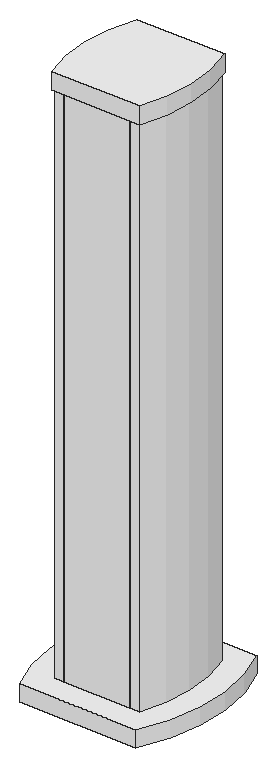
Revit family "Legrand Mini Colonnes universelles", category Installations électriques, Revit 2020
Family settings
  Conserver l'orientation des annotations = Non
  Cote de connecteur circulaire = Utiliser le diamètre
  Type d'élément = Normal
  Basée sur le plan de construction = Non
  Toujours verticalement = Oui
  Couper avec des vides une fois chargée = Non
  Partagée = Non
  Point de calcul de pièce = Non
Parameters (values of type "Colonnette 2 cpts 80 0,68M BL")
  Visibility Control Stand [instance] = and(or(Pieds, Visibility Control Casters), not(Black))  # no
  Visibility Control Casters [instance] = and(Option Jeux de roulettes, not(Black))  # no
  Séparateur = 34.7 mm
  Standard = "Universelle"
  Offset [instance] = if(Visibility Control Casters, 68 mm, if(Visibility Control Stand, 10 mm, 0 mm))  # 0 mm
  Nombre de compartiments = "2 compartiments"
  Modèle = "LG-653123"
  Matériaux corps = Legrand - Aluminium blanc
  Matériau principal = "Aluminium"
  Matériau couvercle = Legrand - Plastique blanc
  Longueur = if([1 CPT], 82 mm, 125 mm)  # 125 mm
  Largeur = 75 mm
  Option Tablette [instance] = no
  Pieds [instance] = no
  Option Jeux de roulettes [instance] = no
  H1 = 680 mm
  HC = H1 - 40 mm  # 640 mm
  Finition = "Blanc"
  Fabricant = "LEGRAND"
  Elévation par défaut = 0 mm
  Description = "Colonnette universelle 2 compartiments 0,68m Blanc"
  Column stand = Pied mobile : Pied pour Colonnettes Blanc
  Black = no
  2 CPT = yes
  1 CPT = no
Types (8, lengths in mm): name | Nombre de compartiments | Modèle | Matériaux corps | Matériau couvercle | Longueur | H1 | HC | Finition | Description | Column stand | Black | 2 CPT | 1 CPT
  Colonnette 1 cpt 80 0,3M Blanc | "1 compartiment" | "LG-653100" | Legrand - Aluminium blanc | Legrand - Plastique blanc | 82 | 300 | 260 | "Blanc" | "Colonnette universelle 1 compartiment 0,3m Blanc" | Pied mobile : Pied pour Colonnettes Blanc | no | no | yes
  Colonnette 1 cpt 80 0,68M Blanc | "1 compartiment" | "LG-653103" | Legrand - Aluminium blanc | Legrand - Plastique blanc | 82 | 680 | 640 | "Blanc" | "Colonnette universelle 1 compartiment 0,68m Blanc" | Pied mobile : Pied pour Colonnettes Blanc | no | no | yes
  Colonnette 2 cpts 80 0,30M BL | "2 compartiments" | "LG-653120" | Legrand - Aluminium blanc | Legrand - Plastique blanc | 125 | 300 | 260 | "Blanc" | "Colonnette universelle 2 compartiments 0,30m Blanc" | Pied mobile : Pied pour Colonnettes Blanc | no | yes | no
  Colonnette 2 cpts 80 0,68M BL | "2 compartiments" | "LG-653123" | Legrand - Aluminium blanc | Legrand - Plastique blanc | 125 | 680 | 640 | "Blanc" | "Colonnette universelle 2 compartiments 0,68m Blanc" | Pied mobile : Pied pour Colonnettes Blanc | no | yes | no
  Colonnette 1 cpt 80 0,68M Noir | "1 compartiment" | "LG-653105" | Legrand - Aluminium noir | Legrand - Plastique noir | 82 | 680 | 640 | "Noir" | "Colonnette universelle 1 compartiment 0,68m Noir" | Tablette : Table pour Colonnettes T1/2 | yes | no | yes
  Colonnette 1 cpt 80 0,3M Noir | "1 compartiment" | "LG-653102" | Legrand - Aluminium noir | Legrand - Plastique noir | 82 | 300 | 260 | "Noir" | "Colonnette universelle 1 compartiment 0,3m Noir" | Tablette : Table pour Colonnettes T1/2 | yes | no | yes
  Colonnette 2 cpt 80 0,30M Noir | "2 compartiments" | "LG-653122" | Legrand - Aluminium noir | Legrand - Plastique noir | 82 | 300 | 260 | "Noir" | "Colonnette universelle 2 compartiments 0,30m Noir" | Tablette : Table pour Colonnettes T1/2 | no | yes | yes
  Colonnette 2 cpt 80 0,68M Noir | "2 compartiments" | "LG-653125" | Legrand - Aluminium noir | Legrand - Plastique noir | 125 | 680 | 640 | "Noir" | "Colonnette universelle 2 compartiments 0,68m Noir" | Tablette : Table pour Colonnettes T1/2 | yes | yes | no
Reference planes
  plane 1 "Centre (avant/arrière)": y = 0
  plane 2: z = 0
  plane 3 "Centre (gauche/droite)": x = 0
  plane 4: z = 680
  plane 5 "Bas Corps": z = 20
  plane 6 "Haut corps": z = 660
  plane 7: z = 0
  plane 8 "Connecteur": z = 340
Forms (mm)
  Extrusion 1, solid, material "Legrand - Aluminium blanc" <- "Matériaux corps", visible <- "2 CPT"
    sketch origin (0, 0, 0) x (1, 0, 0) y (0, 1, 0)
      loop
        arc (-51.5, 62.5) -> (-62.643, 0) -> (-51.5, -62.5) r 180.856
        line (-51.5, -62.5) -> (-40, -62.5) -> (-40, -22.5) -> (40, -22.5) -> (40, -62.5) -> (51.5, -62.5)
        arc (51.5, -62.5) -> (62.643, 0) -> (51.5, 62.5) r 180.856
        line (51.5, 62.5) -> (40, 62.5) -> (40, 22.5) -> (-40, 22.5) -> (-40, 62.5) -> (-51.5, 62.5)
    from 20 to 660
  Extrusion 2, solid, material "Legrand - Aluminium blanc" <- "Matériaux corps", visible <- "1 CPT"
    sketch origin (0, 0, 0) x (1, 0, 0) y (0, 1, 0)
      loop
        arc (-26.5, 62.5) -> (-37.5, 0) -> (-26.5, -62.5) r 183.057
        line (-26.5, -62.5) -> (26.5, -62.5)
        arc (26.5, -62.5) -> (30.149, -51.355) -> (33.076, -40) r 183.057
        line (33.076, -40) -> (-6.924, -40) -> (-6.924, 40) -> (33.076, 40)
        arc (33.076, 40) -> (30.149, 51.355) -> (26.5, 62.5) r 183.057
        line (26.5, 62.5) -> (-26.5, 62.5)
    from 20 to 660
  Extrusion 3, solid, material "Legrand - Aluminium blanc" <- "Matériaux corps", visible <- "1 CPT"
    sketch origin (0, 0, 0) x (1, 0, 0) y (0, 1, 0)
      loop
        line (-27.896, -64.5) -> (27.896, -64.5)
        arc (27.896, -64.5) -> (39.5, 0) -> (27.896, 64.5) r 185.057
        line (27.896, 64.5) -> (-27.896, 64.5)
        arc (-27.896, 64.5) -> (-39.5, 0) -> (-27.896, -64.5) r 185.057
    from 660 to 680
  Extrusion 4, solid, material "Legrand - Aluminium blanc" <- "Matériaux corps", visible <- "1 CPT"
    sketch origin (0, 0, 0) x (1, 0, 0) y (0, 1, 0)
      loop
        line (55.574, 107.5) -> (-55.574, 107.5)
        arc (-55.574, 107.5) -> (-82.5, 0) -> (-55.574, -107.5) r 228.057
        line (-55.574, -107.5) -> (55.574, -107.5)
        arc (55.574, -107.5) -> (82.5, 0) -> (55.574, 107.5) r 228.057
    from 0 to 20
  Extrusion 5, solid, material "Legrand - Aluminium blanc" <- "Matériaux corps", visible <- "2 CPT"
    sketch origin (0, 0, 0) x (1, 0, 0) y (0, 1, 0)
      loop
        line (-52.889, -64.5) -> (52.889, -64.5)
        arc (52.889, -64.5) -> (64.643, 0) -> (52.889, 64.5) r 182.856
        line (52.889, 64.5) -> (-52.889, 64.5)
        arc (-52.889, 64.5) -> (-64.643, 0) -> (-52.889, -64.5) r 182.856
    from 660 to 680
  Extrusion 6, solid, material "Legrand - Aluminium blanc" <- "Matériaux corps", visible <- "2 CPT"
    sketch origin (0, 0, 0) x (1, 0, 0) y (0, 1, 0)
      loop
        line (-70.644, -91.5) -> (70.644, -91.5)
        arc (70.644, -91.5) -> (91.643, 0) -> (70.644, 91.5) r 209.856
        line (70.644, 91.5) -> (-70.644, 91.5)
        arc (-70.644, 91.5) -> (-91.643, 0) -> (-70.644, -91.5) r 209.856
    from 0 to 20
Dimensions and locks
  "H1": plane 4 to plane 2
  locked: plane 5 "Bas Corps" to plane 2 at 20
  locked: plane 4 to plane 6 "Haut corps" at 20
  "Offset": plane 2 to plane 7
  equal spacing: plane 4, plane 8 "Connecteur", plane 2
  aligned and locked: Extrusion 1 to plane 5 "Bas Corps"
  aligned and locked: plane 6 "Haut corps" to Extrusion 1
  aligned and locked: nested 2 to plane 5 "Bas Corps"
  aligned and locked: nested 1 to plane 5 "Bas Corps"
  aligned and locked: Extrusion 2 to plane 5 "Bas Corps"
  aligned and locked: plane 6 "Haut corps" to Extrusion 2
  aligned and locked: nested 3 to plane 5 "Bas Corps"
  aligned and locked: plane 4 to Extrusion 3
  aligned and locked: Extrusion 3 to plane 6 "Haut corps"
  aligned and locked: plane 5 "Bas Corps" to Extrusion 4
  aligned and locked: plane 4 to Extrusion 5
  aligned and locked: Extrusion 5 to plane 6 "Haut corps"
  aligned and locked: plane 5 "Bas Corps" to Extrusion 6
  aligned and locked: Extrusion 6 to plane 2
  aligned and locked: Extrusion 4 to plane 2
  aligned and locked: plane 7 to level
Automatic sketch dimensions
  plane 1 "Centre (avant/arrière)" to Extrusion 1 sketch curve = 0 mm  (x2)
  Extrusion 1 sketch curve to plane 3 "Centre (gauche/droite)" = 118.214 mm
  Extrusion 1 sketch curve to plane 3 "Centre (gauche/droite)" = 51.5 mm  (x2)
  Extrusion 1 sketch curve to Extrusion 1 sketch curve = 11.5 mm  (x3)
  plane 3 "Centre (gauche/droite)" to Extrusion 1 sketch curve = 40 mm  (x2)
  Extrusion 1 sketch curve to Extrusion 1 sketch curve = 78.214 mm
  plane 1 "Centre (avant/arrière)" to Extrusion 1 sketch curve = 22.5 mm
  Extrusion 1 sketch curve to Extrusion 1 sketch curve = 40 mm  (x2)
  Extrusion 1 sketch curve to plane 1 "Centre (avant/arrière)" = 22.5 mm
  Extrusion 1 sketch curve to plane 3 "Centre (gauche/droite)" = 40 mm
  plane 1 "Centre (avant/arrière)" to Extrusion 2 sketch curve = 0 mm  (x2)
  Extrusion 2 sketch curve to plane 3 "Centre (gauche/droite)" = 26.5 mm  (x2)
  Extrusion 2 sketch curve to plane 3 "Centre (gauche/droite)" = 6.924 mm
  plane 3 "Centre (gauche/droite)" to Extrusion 2 sketch curve = 26.5 mm  (x2)
  Extrusion 2 sketch curve to Extrusion 2 sketch curve = 112.48 mm
  Extrusion 2 sketch curve to Extrusion 2 sketch curve = 0 mm  (x3)
  plane 1 "Centre (avant/arrière)" to Extrusion 2 sketch curve = 40 mm
  Extrusion 2 sketch curve to Extrusion 2 sketch curve = 22.5 mm
  Extrusion 2 sketch curve to Extrusion 2 sketch curve = 119.057 mm
  Extrusion 2 sketch curve to Extrusion 2 sketch curve = 6.576 mm
  plane 1 "Centre (avant/arrière)" to Extrusion 3 sketch curve = 0 mm  (x2)
  Extrusion 3 sketch curve to plane 3 "Centre (gauche/droite)" = 145.557 mm
  Extrusion 3 sketch curve to Extrusion 3 sketch curve = 117.661 mm
  Extrusion 3 sketch curve to plane 1 "Centre (avant/arrière)" = 64.5 mm
  Extrusion 3 sketch curve to plane 3 "Centre (gauche/droite)" = 27.896 mm
  plane 3 "Centre (gauche/droite)" to Extrusion 3 sketch curve = 27.896 mm
  Extrusion 3 sketch curve to Extrusion 3 sketch curve = 0 mm
  plane 1 "Centre (avant/arrière)" to Extrusion 4 sketch curve = 0 mm  (x2)
  Extrusion 4 sketch curve to plane 3 "Centre (gauche/droite)" = 145.557 mm
  plane 3 "Centre (gauche/droite)" to Extrusion 4 sketch curve = 55.574 mm  (x2)
  Extrusion 4 sketch curve to Extrusion 4 sketch curve = 89.983 mm
  Extrusion 4 sketch curve to plane 1 "Centre (avant/arrière)" = 107.5 mm
  Extrusion 4 sketch curve to plane 3 "Centre (gauche/droite)" = 55.574 mm
  plane 1 "Centre (avant/arrière)" to Extrusion 5 sketch curve = 0 mm  (x2)
  Extrusion 5 sketch curve to plane 3 "Centre (gauche/droite)" = 118.214 mm
  Extrusion 5 sketch curve to plane 3 "Centre (gauche/droite)" = 52.889 mm
  plane 3 "Centre (gauche/droite)" to Extrusion 5 sketch curve = 52.889 mm  (x2)
  plane 1 "Centre (avant/arrière)" to Extrusion 5 sketch curve = 64.5 mm
  Extrusion 5 sketch curve to Extrusion 5 sketch curve = 65.324 mm
  plane 1 "Centre (avant/arrière)" to Extrusion 6 sketch curve = 0 mm  (x2)
  Extrusion 6 sketch curve to plane 3 "Centre (gauche/droite)" = 118.214 mm
  plane 3 "Centre (gauche/droite)" to Extrusion 6 sketch curve = 70.644 mm  (x2)
  Extrusion 6 sketch curve to Extrusion 6 sketch curve = 47.569 mm
  Extrusion 6 sketch curve to plane 1 "Centre (avant/arrière)" = 91.5 mm
  Extrusion 6 sketch curve to plane 3 "Centre (gauche/droite)" = 70.644 mm
Nested families
  nested 1: "Couvercles de Colonne 80" at (-40, 62.5, 20), visible <- "2 CPT", Matériau <- "Matériau couvercle", H1 <- "HC", type "Couvercles de Colonne 80"
    with Matériau Legrand - Plastique blanc, L1 40 mm, H1 640 mm
  nested 2: "Couvercles de Colonne 80" at (-40, -22.5, 20), visible <- "2 CPT", Matériau <- "Matériau couvercle", H1 <- "HC", type "Couvercles de Colonne 80"
    with Matériau Legrand - Plastique blanc, L1 40 mm, H1 640 mm
  nested 3: "Couvercles de Colonne 80" at (33.076, 40, 20) x (0, -1, 0) z (0, 0, 1), visible <- "1 CPT", Matériau <- "Matériau couvercle", H1 <- "HC", type "Couvercles de Colonne 80"
    with Matériau Legrand - Plastique blanc, L1 40 mm, H1 640 mm
  nested 4: "Tablette" at (0, 0, 680), visible <- "Option Tablette", type "Table pour Colonnettes T1/2"
  nested 5: "Pied mobile" at (0, 0, 0) x (1, 0, 0) z (0, 0, -1), type <- "Column stand", visible <- "Visibility Control Stand", type "Pied pour Colonnettes Blanc"
  nested 6: "Roulette" at (153.739, -180.183, 0) x (0, -1, 0) z (0, 0, 1), visible <- "Visibility Control Casters", type "4 roulettes et range cordon"
  nested 7: "Roulette" at (153.739, 179.964, 0) x (0, -1, 0) z (0, 0, 1), visible <- "Visibility Control Casters", type "4 roulettes et range cordon"
  nested 8: "Roulette" at (-153.739, -180.183, 0) x (0, -1, 0) z (0, 0, 1), visible <- "Visibility Control Casters", type "4 roulettes et range cordon"
  nested 9: "Roulette" at (-153.739, 179.964, 0) x (0, -1, 0) z (0, 0, 1), visible <- "Visibility Control Casters", type "4 roulettes et range cordon"
Connectors
  electrical at (0, 0, 340)
    settings: index 1, voltage 0 V, apparent load 0 VA, apparent load phase1 0 VA, apparent load phase2 0 VA, apparent load phase3 0 VA, power factor 1, load classification "Autre", number of poles 1, system type 31, power factor state 1, is connector primary yes, connector utility no, sub classification motor no, connector description ""
Definition of nested family "Couvercles de Colonne 80"
  Parameters (values of type "IDS_COLUMN_COVER_80")
    Matériau [instance] = none
    L1 [instance] = 187.766 mm
    H1 [instance] = 2660 mm
    Default Elevation = 0 mm
  Reference planes
    plane 1 "Centre (avant/arrière)": y = 0
    plane 2: z = 0
    plane 3 "Centre (gauche/droite)": x = 0
    plane 4: x = 80
    plane 5: y = -187.766
    plane 6: z = 2660
  Forms (mm)
    Extrusion 1, solid, material <- "Matériau"
      sketch origin (0, 0, 0) x (1, 0, 0) y (0, 1, 0)
        loop
          line (0, 0) -> (0, -187.766) -> (80, -187.766) -> (80, 0) -> (0, 0)
      from 0 to 2660
  Dimensions and locks
    plane 3 "Centre (gauche/droite)" to plane 4 = 80 mm
    "L1": plane 5 to plane 1 "Centre (avant/arrière)"
    "H1": plane 6 to plane 2
    aligned and locked: level to plane 2
    aligned and locked: plane 6 to Extrusion 1
  Automatic sketch dimensions
    Extrusion 1 sketch curve to plane 3 "Centre (gauche/droite)" = 0 mm
    Extrusion 1 sketch curve to plane 4 = 0 mm
    Extrusion 1 sketch curve to plane 5 = 0 mm
    plane 1 "Centre (avant/arrière)" to Extrusion 1 sketch curve = 0 mm
Definition of nested family "Tablette"
  Parameters (values of type "IDS_653084")
    Model = "LG-653084"
    Manufacturer = "LEGRAND"
    Default Elevation = 1219.2 mm
    Description = "IDS_DESCRITPION_LG-653084"
  Reference planes
    plane 1 "Centre (avant/arrière)": y = 0
    plane 2: z = 0
    plane 3 "Centre (gauche/droite)": x = 0
  Forms (mm)
    Extrusion 1, solid
      sketch origin (0, 0, 0) x (1, 0, 0) y (0, 1, 0)
        loop
          line (-1219.2, 1219.2) -> (-1219.2, -1219.2) -> (1219.2, -1219.2) -> (1219.2, 1219.2) -> (-1219.2, 1219.2)
      from 0 to -304.8
    Extrusion 2, solid
      sketch origin (0, 0, 0) x (1, 0, 0) y (0, 1, 0)
        loop
          arc (-220, 150) -> (-276.569, 126.569) -> (-300, 70) r 80
          line (-300, 70) -> (-300, -70)
          arc (-300, -70) -> (-276.569, -126.569) -> (-220, -150) r 80
          line (-220, -150) -> (220, -150)
          arc (220, -150) -> (276.569, -126.569) -> (300, -70) r 80
          line (300, -70) -> (300, 70)
          arc (300, 70) -> (276.569, 126.569) -> (220, 150) r 80
          line (220, 150) -> (-220, 150)
      from 0 to 12
  Dimensions and locks
    Extrusion 2 to Extrusion 2 = 600 mm
    Extrusion 2 to Extrusion 2 = 300 mm
    aligned and locked: plane 2 to Extrusion 1
    aligned and locked: level to Extrusion 1
Definition of nested family "Pied mobile"
  Parameters (values of type "IDS_653087")
    Materiau = none
    Default Elevation = 1219.2 mm
  Types (3): name
    (no name)
    IDS_653086
    IDS_653087
  Reference planes
    plane 1 "Centre (avant/arrière)": y = 0
    plane 2: z = 0
    plane 3 "Centre (gauche/droite)": x = 0
    plane 4: y = -200
    plane 5: y = 200
    plane 6: x = -180
    plane 7: x = 180
  Forms (mm)
    Extrusion 1, solid
      sketch origin (0, 0, 0) x (1, 0, 0) y (0, 1, 0)
        loop
          line (-1219.2, 1219.2) -> (-1219.2, -1219.2) -> (1219.2, -1219.2) -> (1219.2, 1219.2) -> (-1219.2, 1219.2)
      from 0 to -304.8
    Extrusion 2, solid, material <- "Materiau"
      sketch origin (0, 0, 0) x (1, 0, 0) y (0, 1, 0)
        loop
          line (-180, 0) -> (-180, -61.189)
          arc (-180, -61.189) -> (-175.417, -115.996) -> (-165, -170) r 513.701
          arc (-165, -170) -> (-153.071, -189.987) -> (-132.058, -200) r 40.162
          line (-132.058, -200) -> (-107.825, -200)
          arc (-107.825, -200) -> (-90.864, -196.802) -> (-75, -190) r 79.091
          arc (-75, -190) -> (-65.429, -173.295) -> (-60.467, -154.692) r 74.359
          arc (-60.467, -154.692) -> (-64.771, -144.303) -> (-75.16, -140) r 14.692
          line (-75.16, -140) -> (-110, -140)
          arc (-110, -140) -> (-117.071, -137.071) -> (-120, -130) r 10
          line (-120, -130) -> (-120, -60.561)
          arc (-120, -60.561) -> (-114.142, -46.419) -> (-100, -40.561) r 20
          arc (-100, -40.561) -> (-60.66, -53.386) -> (-19.784, -59.807) r 260
          arc (-19.784, -59.807) -> (-16.958, -58.636) -> (-16.06, -55.711) r 3.591
          line (-16.06, -55.711) -> (-31.638, -12.913)
          arc (-31.638, -12.913) -> (-29.417, -0.22) -> (-17.905, 5.568) r 14.343
          line (-17.905, 5.568) -> (17.905, 5.568)
          arc (17.905, 5.568) -> (29.417, -0.22) -> (31.638, -12.913) r 14.343
          line (31.638, -12.913) -> (16.06, -55.711)
          arc (16.06, -55.711) -> (16.958, -58.636) -> (19.784, -59.807) r 3.591
          arc (19.784, -59.807) -> (60.66, -53.386) -> (100, -40.561) r 260
          arc (100, -40.561) -> (114.142, -46.419) -> (120, -60.561) r 20
          line (120, -60.561) -> (120, -130)
          arc (120, -130) -> (117.071, -137.071) -> (110, -140) r 10
          line (110, -140) -> (75.16, -140)
          arc (75.16, -140) -> (64.771, -144.303) -> (60.467, -154.692) r 14.692
          arc (60.467, -154.692) -> (65.429, -173.295) -> (75, -190) r 74.359
          arc (75, -190) -> (90.864, -196.802) -> (107.825, -200) r 79.091
          line (107.825, -200) -> (132.058, -200)
          arc (132.058, -200) -> (153.071, -189.987) -> (165, -170) r 40.162
          arc (165, -170) -> (175.417, -115.996) -> (180, -61.189) r 513.701
          line (180, -61.189) -> (180, 0) -> (180, 61.189)
          arc (180, 61.189) -> (175.417, 115.996) -> (165, 170) r 513.701
          arc (165, 170) -> (148.307, 193.71) -> (120, 200) r 40.162
          arc (120, 200) -> (96.755, 198.351) -> (75, 190) r 79.091
          arc (75, 190) -> (65.429, 173.295) -> (60.467, 154.692) r 74.359
          arc (60.467, 154.692) -> (64.771, 144.303) -> (75.16, 140) r 14.692
          line (75.16, 140) -> (110, 140)
          arc (110, 140) -> (117.071, 137.071) -> (120, 130) r 10
          line (120, 130) -> (120, 60.561)
          arc (120, 60.561) -> (114.142, 46.419) -> (100, 40.561) r 20
          arc (100, 40.561) -> (0, 60.561) -> (-100, 40.561) r 260
          arc (-100, 40.561) -> (-114.142, 46.419) -> (-120, 60.561) r 20
          line (-120, 60.561) -> (-120, 130)
          arc (-120, 130) -> (-117.071, 137.071) -> (-110, 140) r 10
          line (-110, 140) -> (-75.16, 140)
          arc (-75.16, 140) -> (-64.771, 144.303) -> (-60.467, 154.692) r 14.692
          arc (-60.467, 154.692) -> (-65.429, 173.295) -> (-75, 190) r 74.359
          arc (-75, 190) -> (-96.755, 198.351) -> (-120, 200) r 79.091
          arc (-120, 200) -> (-148.307, 193.71) -> (-165, 170) r 40.162
          arc (-165, 170) -> (-175.417, 115.996) -> (-180, 61.189) r 513.701
          line (-180, 61.189) -> (-180, 0)
      from 0 to 10
    Extrusion 3, void
      sketch origin (0, 0, 0) x (1, 0, 0) y (0, 1, 0)
        loop
          circle (141.373, -180.262) r 5
        loop
          circle (-141.373, -180.262) r 5
        loop
          circle (141.373, 180.262) r 5
        loop
          circle (-141.373, 180.262) r 5
      from 0 to 10
    Extrusion 4, void
      sketch origin (0, 0, 0) x (1, 0, 0) y (0, 1, 0)
        loop
          circle (-24.029, -51.565) r 2.527
        loop
          circle (24.029, -51.565) r 2.527
        loop
          circle (-29.084, 51.565) r 2.527
        loop
          circle (29.084, 51.565) r 2.527
      from 0 to 10
  Cuts and joins
    Extrusion 3, Extrusion 4 cuts Extrusion 2
  Dimensions and locks
    plane 5 to plane 4 = 400 mm
    plane 6 to plane 7 = 360 mm
    aligned and locked: plane 2 to Extrusion 1
    aligned and locked: level to Extrusion 1
Definition of nested family "Roulette"
  Parameters (values of type "Roulette")
    Model = "LG-653088"
    Manufacturer = "LEGRAND"
    Default Elevation = 0 mm
    Description = "IDS_DESCRITPION_LG-653088"
  Reference planes
    plane 1 "Centre (avant/arrière)": y = 0
    plane 2: z = 0
    plane 3 "Centre (gauche/droite)": x = 0
  Forms (mm)
    Extrusion 1, solid
      sketch origin (0, 167.844, 41.5) x (0, 1, 0) y (0, 0, 1)
        loop
          circle (-167.847, -16.5) r 25
      from -20 to 20
    Sweep 2, solid
      path origin (0, 167.844, 43.862) x (0, 1, 0) y (0, 0, 1)
        loop
          arc (-140.847, -18.5) -> (-167.847, 8.5) -> (-194.847, -18.5) r 27
      profile origin (0, -0.003, 52.362) x (0, 0, -1) y (1, 0, 0)
        loop
          line (0, -20) -> (0, 20) -> (-2, 20) -> (-2, -20) -> (0, -20)
    Extrusion 3, solid
      sketch origin (134.69, 165.347, 0) x (1, 0, 0) y (0, 1, 0)
        loop
          circle (-134.69, -177.847) r 8
      from 39.162 to 68
    Extrusion 4, solid
      sketch origin (134.69, 155.347, 28) x (1, 0, 0) y (0, 1, 0)
        loop
          circle (-134.69, -167.847) r 20
      from 40 to 64
    Extrusion 5, solid
      sketch origin (134.69, 155.347, 40) x (1, 0, 0) y (0, 1, 0)
        loop
          circle (-134.69, -167.847) r 30
      from 52 to 60
  Dimensions and locks
    aligned and locked: level to plane 2
